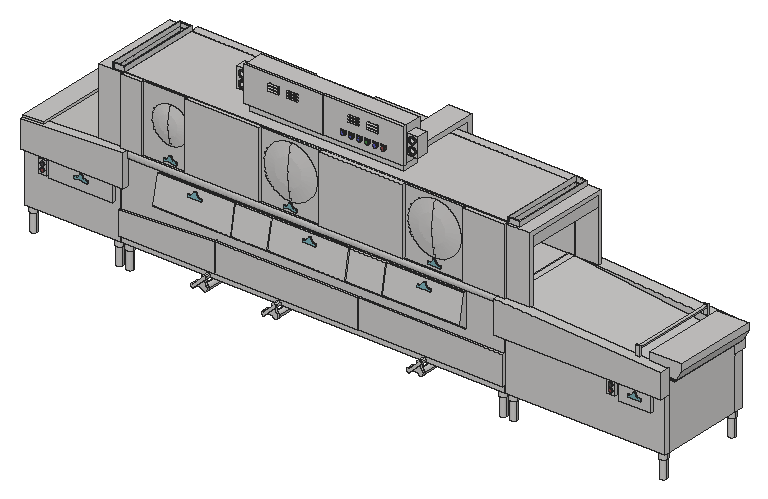
Revit family (continued)
Automatic sketch dimensions
  radius of Extrusion 153 sketch curve = 0' - 0 5/8"
  radius of Extrusion 154 sketch curve = 0' - 0 5/8"
  radius of Extrusion 155 sketch curve = 0' - 0 5/8"
  radius of Extrusion 157 sketch curve = 0' - 1 1/4"
  radius of Extrusion 157 sketch curve = 0' - 1"
  radius of Extrusion 159 sketch curve = 0' - 1 1/4"
  radius of Extrusion 159 sketch curve = 0' - 1"
  radius of Extrusion 161 sketch curve = 0' - 1 1/4"
  radius of Extrusion 161 sketch curve = 0' - 1"
  radius of Extrusion 163 sketch curve = 0' - 0 5/8"
  radius of Extrusion 164 sketch curve = 0' - 0 5/8"
  radius of Extrusion 177 sketch curve = 0' - 1"
  radius of Extrusion 177 sketch curve = 0' - 1 1/8"
  radius of Extrusion 178 sketch curve = 0' - 1"
  radius of Extrusion 178 sketch curve = 0' - 1 1/8"
  radius of Extrusion 182 sketch curve = 0' - 1"
  radius of Extrusion 182 sketch curve = 0' - 1 1/8"
  radius of Extrusion 56 sketch curve = 0' - 0 3/4"
  radius of Extrusion 57 sketch curve = 0' - 0 3/4"
  radius of Extrusion 72 sketch curve = 0' - 0 3/4"
  radius of Extrusion 73 sketch curve = 0' - 0 3/4"
  radius of Extrusion 74 sketch curve = 0' - 1 3/16"
  radius of Extrusion 75 sketch curve = 0' - 1 7/16"
  radius of Extrusion 76 sketch curve = 0' - 1 3/16"
  radius of Extrusion 77 sketch curve = 0' - 1 7/16"
  radius of Extrusion 78 sketch curve = 0' - 1 3/16"
  radius of Extrusion 79 sketch curve = 0' - 1 7/16"
  radius of Extrusion 80 sketch curve = 0' - 1 3/16"
  radius of Extrusion 81 sketch curve = 0' - 1 7/16"
  radius of Extrusion 82 sketch curve = 0' - 1 3/16"
  radius of Extrusion 83 sketch curve = 0' - 1 7/16"
  radius of Extrusion 84 sketch curve = 0' - 1 3/16"
  radius of Extrusion 85 sketch curve = 0' - 1 7/16"
  radius of Extrusion 86 sketch curve = 0' - 1 3/16"
  radius of Extrusion 87 sketch curve = 0' - 1 7/16"
  radius of Extrusion 88 sketch curve = 0' - 1 3/16"
  radius of Extrusion 89 sketch curve = 0' - 1 7/16"
  radius of Extrusion 90 sketch curve = 0' - 1 3/16"
  radius of Extrusion 91 sketch curve = 0' - 1 7/16"
  radius of Extrusion 92 sketch curve = 0' - 1 3/16"
  radius of Extrusion 93 sketch curve = 0' - 1 7/16"
  radius of Extrusion 94 sketch curve = 0' - 1 3/16"
  radius of Extrusion 95 sketch curve = 0' - 1 7/16"
  radius of Extrusion 96 sketch curve = 0' - 1 3/16"
  radius of Extrusion 97 sketch curve = 0' - 1 7/16"
  radius of Extrusion 132 sketch curve = 0' - 1"
  radius of Extrusion 132 sketch curve = 0' - 1 1/8"
  radius of Extrusion 137 sketch curve = 0' - 0 1/2"
  radius of Extrusion 210 sketch curve = 0' - 0 1/4"
  radius of Extrusion 68 sketch curve = 0' - 0 1/2"
  radius of Sweep 135 sketch curve = 0' - 0 3/8"
  radius of Sweep 135 sketch curve = 0' - 0 1/2"
  radius of Sweep 136 sketch curve = 0' - 0 1/2"
  radius of Sweep 136 sketch curve = 0' - 0 5/8"
  radius of Extrusion 147 sketch curve = 0' - 0 1/4"
  radius of Extrusion 148 sketch curve = 0' - 0 1/4"
  radius of Extrusion 191 sketch curve = 0' - 0 1/4"
  radius of Extrusion 192 sketch curve = 0' - 0 1/4"
  radius of Sweep 193 sketch curve = 0' - 0 3/8"
  radius of Extrusion 194 sketch curve = 0' - 0 1/4"
  radius of Extrusion 195 sketch curve = 0' - 0 1/4"
  radius of Extrusion 196 sketch curve = 0' - 0 1/4"
  radius of Extrusion 197 sketch curve = 0' - 0 1/4"
  radius of Extrusion 198 sketch curve = 0' - 0 1/4"
  radius of Extrusion 199 sketch curve = 0' - 0 1/4"
  radius of Extrusion 200 sketch curve = 0' - 0 1/4"
  radius of Extrusion 201 sketch curve = 0' - 0 1/4"
  radius of Sweep 202 sketch curve = 0' - 0 3/8"
  radius of Sweep 203 sketch curve = 0' - 0 3/8"
  radius of Sweep 204 sketch curve = 0' - 0 3/8"
  radius of Sweep 205 sketch curve = 0' - 0 3/8"
  radius of Sweep 209 sketch curve = 0' - 0 3/8"
  radius of Sweep 209 sketch curve = 0' - 0 1/2"
Nested families (in)
  nested 1: "QF_Stero_STPCW-ER_144_E_EX" at (122.84638, -6, 0), Ventilation Remarks <- "Unload Ventilation Remarks", Exhaust Volume <- "Unload Exhaust Volume", Exhaust Vent Width <- "Unload Exhaust Vent Width", Exhaust Vent Depth <- "Unload Exhaust Vent Depth", Exhaust Static Press <- "Unload Exhaust Static Press", Exhaust RI Height <- "Unload Exhaust RI Height", Item Number <- "Unload Exhaust Item Number", type "Nested"
    with Ventilation Remarks "", Item Number "-", Exhaust Volume 1000 CFM, Exhaust Vent Width 0' - 4", Exhaust Vent Depth 2' - 7 1/4", Exhaust Static Press 0.00 in-wg, Exhaust RI Height 0' - 0"
  nested 2: "QF_Stero_STPCW-ER_144_E_E2" at (23.97138, -26, 0), Watts <- "F2 Watts", Volts <- "F2 Volts", Phase <- "F2 Phase", Number of Poles <- "F2 Number of Poles", FL Amps <- "F2 FL Amps", Electrical Remarks <- "F2 Electrical Remarks", Electric Connection Type <- "F2 Electric Connection Type", Elec Conn RI Height <- "F2 Elec Conn RI Height", Elec Conn Connection Height <- "F2 Elec Conn Connection Height", Cycle <- "F2 Cycle", Conn Conduit <- "F2 Conn Conduit", Apparent Power <- "F2 Apparent Power", Item Number <- "F2 Item Number", visible <- "Feeder Line 2", type "Nested"
    with Watts 0 W, Volts 480 V, Phase 3, Number of Poles 3, Item Number "-", FL Amps 0 A, Electrical Remarks "", Electric Connection Type "", Elec Conn RI Height 0' - 0", Elec Conn Connection Height 6' - 6", Cycle 60 Hz, Conn Conduit yes, Apparent Power 0 VA
  nested 3: "QF_Stero_STPCW-ER_144_E_E2" at (24.72138, -26, 0), Watts <- "F3 Watts", Volts <- "F3 Volts", Phase <- "F3 Phase", Number of Poles <- "F3 Number of Poles", FL Amps <- "F3 FL Amps", Electrical Remarks <- "F3 Electrical Remarks", Electric Connection Type <- "F3 Electric Connection Type", Elec Conn RI Height <- "F3 Elec Conn RI Height", Elec Conn Connection Height <- "F3 Elec Conn Connection Height", Cycle <- "F3 Cycle", Conn Conduit <- "F3 Conn Conduit", Apparent Power <- "F3 Apparent Power", Item Number <- "F3 Item Number", visible <- "Feeder Line 3", type "Nested"
    with Watts 0 W, Volts 480 V, Phase 3, Number of Poles 3, Item Number "-", FL Amps 0 A, Electrical Remarks "", Electric Connection Type "", Elec Conn RI Height 0' - 0", Elec Conn Connection Height 6' - 6", Cycle 60 Hz, Conn Conduit yes, Apparent Power 0 VA
  nested 4: "QF_Stero_STPCW-ER_144_E_E2" at (134.72138, -3, 0), visible <- "Booster Heater", Watts <- "Booster Watts", Volts <- "Booster Volts", Phase <- "Booster Phase", Number of Poles <- "Booster Number of Poles", FL Amps <- "Booster FL Amps", Electrical Remarks <- "Booster Electrical Remarks", Electric Connection Type <- "Booster Electric Connection Type", Elec Conn RI Height <- "Booster Elec Conn RI Height", Elec Conn Connection Height <- "Booster Elec Conn Connection Height", Cycle <- "Booster Cycle", Conn Conduit <- "Booster Conn Conduit", Apparent Power <- "Booster Apparent Power", Item Number <- "Booster Item Number", type "Nested"
    with Watts 24000 W, Volts 480 V, Phase 3, Number of Poles 3, Item Number "-", FL Amps 28.9 A, Electrical Remarks "", Electric Connection Type "", Elec Conn RI Height 0' - 0", Elec Conn Connection Height 0' - 11", Cycle 60 Hz, Conn Conduit yes, Apparent Power 23998.6 VA
  nested 5: "QF_Stero_STPCW-ER_144_E_HW2" at (146.72138, -16.75, 0), visible <- "No Booster Heater", Plumbing Remarks <- "Boosted Plumbing Remarks", Hot Water Temperature <- "Boosted Hot Water Temperature", Hot Water Size <- "Boosted Hot Water Size", Hot Water RI Height <- "Boosted Hot Water RI Height", Hot Water Minimum Pressure <- "Boosted Hot Water Minimum Pressure", Hot Water Maximum Pressure <- "Boosted Hot Water Maximum Pressure", Hot Water Flow <- "Boosted Hot Water Flow", Hot Water Consumption <- "Boosted Hot Water Consumption", Hot Water Connection Height <- "Boosted Hot Water Connection Height", Item Number <- "Boosted HW Item Number", type "Nested"
    with Plumbing Remarks "", Item Number "-", Hot Water Temperature 180 °F, Hot Water Size Radius 3/8", Hot Water Size 3/4", Hot Water RI Height 0' - 0", Hot Water Minimum Pressure 20.00 psi, Hot Water Maximum Pressure 20.00 psi, Hot Water Flow 0.00 GPM, Hot Water Consumption 1.63 GPM, Hot Water Connection Height 0' - 6"
Connectors (in)
  hvac at (-23.40362, -21.625, 67.25), driven by "Exhaust Volume", driven by "Exhaust Vent Depth", driven by "Exhaust Vent Width"
    settings: on cut or joined group of Extrusion 29, Extrusion 31, index 1, duct flow 500 CFM, flow factor 0, pres drop 0.00 in-wg, loss coef 0, conn angle 0.00°, conn width 4", conn height 31 1/4", conn radius 12", duct sys type 3, conn prof type 1, flow config 1, flow direction 2, loss method 0, conn ref index -1, conn util no, is conn primary yes, conn desc "Load End Exhaust"
  hvac at (124.84638, -21.625, 67.25), driven by "Unload Exhaust Volume", driven by "Unload Exhaust Vent Depth", driven by "Unload Exhaust Vent Width"
    settings: on cut or joined group of Extrusion 33, Extrusion 35, index 2, duct flow 1000 CFM, flow factor 0, pres drop 0.00 in-wg, loss coef 0, conn angle 0.00°, conn width 4", conn height 31 1/4", conn radius 12", duct sys type 3, conn prof type 1, flow config 1, flow direction 2, loss method 0, conn ref index -1, conn util no, is conn primary no, conn desc "Unload End Exhaust"
  piping at (-39.90362, -20.25, 7), driven by "Indirect Waste Flow"
    settings: on Extrusion 132, index 3, connector radius 1", flow factor 0, pipe flow 0.00 GPM, pressure drop 0.00 psi, fitting loss kfactor 0, connector angle 0.00°, fixture units 0, flow configuration 1, flow direction 2, fitting loss method 0, system type 16, connector reference index -1, connector utility 0, adjustable connector no, is connector primary yes, fitting loss table "", connector description "Load End Indirect Waste"
  piping at (175.72138, -20.25, 7), driven by "Indirect Waste Flow"
    settings: on Extrusion 132, index 4, connector radius 1", flow factor 0, pipe flow 0.00 GPM, pressure drop 0.00 psi, fitting loss kfactor 0, connector angle 0.00°, fixture units 0, flow configuration 1, flow direction 2, fitting loss method 0, system type 16, connector reference index -1, connector utility 0, adjustable connector no, is connector primary no, fitting loss table "", connector description "Unload End Indirect Waste"
  piping at (158.72138, -8.5, 6), driven by "Hot Water Flow"
    settings: on Sweep 136, index 5, connector radius 1/2", flow factor 0, pipe flow 0.00 GPM, pressure drop 0.00 psi, fitting loss kfactor 0, connector angle 0.00°, fixture units 0, flow configuration 1, flow direction 1, fitting loss method 0, system type 19, connector reference index -1, connector utility 0, adjustable connector no, is connector primary no, fitting loss table "", connector description "Building Hot Water"
  piping at (-31.27862, -8.5, 6), driven by "Cold Water Flow"
    settings: on Sweep 135, index 6, connector radius 3/8", flow factor 0, pipe flow 0.00 GPM, pressure drop 0.00 psi, fitting loss kfactor 0, connector angle 0.00°, fixture units 0, flow configuration 1, flow direction 1, fitting loss method 0, system type 20, connector reference index -1, connector utility 0, adjustable connector no, is connector primary no, fitting loss table "", connector description "Cold Water"
  electrical at (22.72138, -26, 78.5), driven by "Number of Poles", driven by "Volts", driven by "Apparent Power"
    settings: on cut or joined group of Extrusion 99, Extrusion 137, index 7, voltage 480 V, apparent load 63193.4 VA, apparent load phase1 0 VA, apparent load phase2 0 VA, apparent load phase3 0 VA, power factor 1, load classification "Other", number of poles 3, system type 30, power factor state 1, is connector primary yes, connector utility no, sub classification motor no, connector description "Feeder 1 Electric"
  electrical at (27.97138, -25.9375, 78.5), driven by "F2 Number of Poles", driven by "F2 Volts", driven by "F2 Apparent Power"
    settings: on Extrusion 147, index 8, voltage 480 V, apparent load 0 VA, apparent load phase1 0 VA, apparent load phase2 0 VA, apparent load phase3 0 VA, power factor 1, load classification "Other", number of poles 3, system type 30, power factor state 1, is connector primary no, connector utility no, sub classification motor no, connector description "Feeder 2 Electric"
  electrical at (28.72138, -25.9375, 78.5), driven by "F3 Number of Poles", driven by "F3 Volts", driven by "F3 Apparent Power"
    settings: on Extrusion 148, index 9, voltage 480 V, apparent load 0 VA, apparent load phase1 0 VA, apparent load phase2 0 VA, apparent load phase3 0 VA, power factor 1, load classification "Other", number of poles 3, system type 30, power factor state 1, is connector primary no, connector utility no, sub classification motor no, connector description "Feeder 3 Electric"
  piping at (146.72138, -8.5, 6), driven by "Boosted Hot Water Flow"
    settings: on Sweep 209, index 11, connector radius 3/8", flow factor 0, pipe flow 0.00 GPM, pressure drop 0.00 psi, fitting loss kfactor 0, connector angle 0.00°, fixture units 0, flow configuration 1, flow direction 1, fitting loss method 0, system type 19, connector reference index -1, connector utility 0, adjustable connector no, is connector primary no, fitting loss table "", connector description "Booster Water"
  electrical at (134.72138, -2.9375, 11), driven by "Booster Number of Poles", driven by "Booster Volts", driven by "Booster Apparent Power"
    settings: on Extrusion 210, index 12, voltage 480 V, apparent load 23998.6 VA, apparent load phase1 0 VA, apparent load phase2 0 VA, apparent load phase3 0 VA, power factor 1, load classification "Other", number of poles 3, system type 30, power factor state 1, is connector primary no, connector utility no, sub classification motor no, connector description "Booster Electric"
Definition of nested family "QF_Stero_STPCW-ER_144_E_EX"
  Parameters (values of type "Nested")
    Ventilation Remarks [instance] = ""
    Item Number [instance] = "-"
    Exhaust Volume [instance] = 0 CFM
    Exhaust Vent Width [instance] = 1' - 4"
    Exhaust Vent Depth [instance] = 0' - 4"
    Exhaust Static Press [instance] = 0.00 in-wg
    Exhaust RI Height [instance] = 0' - 0"
    Description = ""
    Assembly Code = ""
  Reference planes (in)
    plane 1 "Center (Back)": y = 0
    plane 2: z = 0
    plane 3 "Center (Left)": x = 0
    plane 4: x = 16
    plane 5: y = -4
  Lines and regions (in)
    symbolic lines, style "QF_Multiple Utilities"
      curve 1: line (0, 0, 0) -> (16, 0, 0)
      curve 2: line (0, -4, 0) -> (0, 0, 0)
      curve 3: line (16, -4, 0) -> (0, -4, 0)
      curve 4: line (16, 0, 0) -> (16, -4, 0)
      curve 5: line (16, 0, 0) -> (0, -4, 0)
      curve 6: line (0, 0, 0) -> (16, -4, 0)
  Dimensions and locks (in)
    "Exhaust Vent Width": plane 3 "Center (Left)" to plane 4
    "Exhaust Vent Depth": plane 1 "Center (Back)" to plane 5
    aligned and locked: level to plane 2
    aligned and locked: plane 1 "Center (Back)" to curve 1
    aligned and locked: plane 3 "Center (Left)" to curve 2
    aligned and locked: curve 3 to plane 5
    aligned and locked: curve 4 to plane 4
Definition of nested family "QF_Stero_STPCW-ER_144_E_E2"
  Parameters (values of type "Nested")
    Watts [instance] = 0 W
    Volts [instance] = 0 V
    Phase [instance] = 1
    Number of Poles [instance] = 1
    Item Number [instance] = "-"
    FL Amps [instance] = 0 A
    Electrical Remarks [instance] = ""
    Electric Connection Type [instance] = ""
    Elec Conn RI Height [instance] = 0' - 0"
    Elec Conn Connection Height [instance] = 0' - 0"
    Description = ""
    Cycle [instance] = 0 Hz
    Conn Conduit [instance] = yes
    Assembly Code = ""
    Apparent Power [instance] = 0 VA
  Reference planes (in)
    plane 1 "Center (Back)": y = 0
    plane 2: z = 0
    plane 3 "Center (Left)": x = 0
  Lines and regions (in)
    symbolic lines, style "QF_Multiple Utilities"
      curve 1: circle (0, 0, 0) r 0.125 normal (0, 0, 1)
  Dimensions and locks (in)
    aligned and locked: level to plane 2
Definition of nested family "QF_Stero_STPCW-ER_144_E_HW2"
  Parameters (values of type "Nested")
    Plumbing Remarks [instance] = ""
    Item Number [instance] = "-"
    Hot Water Temperature [instance] = 0 °F
    Hot Water Size [instance] = 1/4"
    Hot Water RI Height [instance] = 0' - 0"
    Hot Water Minimum Pressure [instance] = 0.00 psi
    Hot Water Maximum Pressure [instance] = 0.00 psi
    Hot Water Flow [instance] = 0.00 GPM
    Hot Water Consumption [instance] = 0.00 GPM
    Hot Water Connection Height [instance] = 0' - 0"
    Description = ""
    Hot Water Size Radius [instance] = Hot Water Size / 2  # 1/8"
    Assembly Code = ""
  Reference planes (in)
    plane 1 "Center (Back)": y = 0
    plane 2: z = 0
    plane 3 "Center (Left)": x = 0
  Lines and regions (in)
    symbolic lines, style "QF_Multiple Utilities"
      curve 1: circle (0, 0, 0) r 0.125 normal (0, 0, 1)
  Dimensions and locks (in)
    "Hot Water Size Radius": radius of curve 1
    aligned and locked: level to plane 2
  Automatic sketch dimensions
    plane 1 "Center (Back)" to curve 1 = 0' - 0"
    curve 1 to plane 3 "Center (Left)" = 0' - 0"
Types (3): name | Volts | FL Amps | F3 Volts | F2 Volts | Booster Volts | Booster FL Amps | Booster Apparent Power | Apparent Power
  (no name) | 480 V | 76.1 A | 480 V | 480 V | 480 V | 28.9 A | 23998.6 VA | 63193.4 VA
  208/60/3 | 208 V | 173.1 A | 208 V | 208 V | 208 V | 66.7 A | 24001.3 VA | 62288.3 VA
  480/60/3 | 480 V | 76.1 A | 480 V | 480 V | 480 V | 28.9 A | 23998.6 VA | 63193.4 VA
